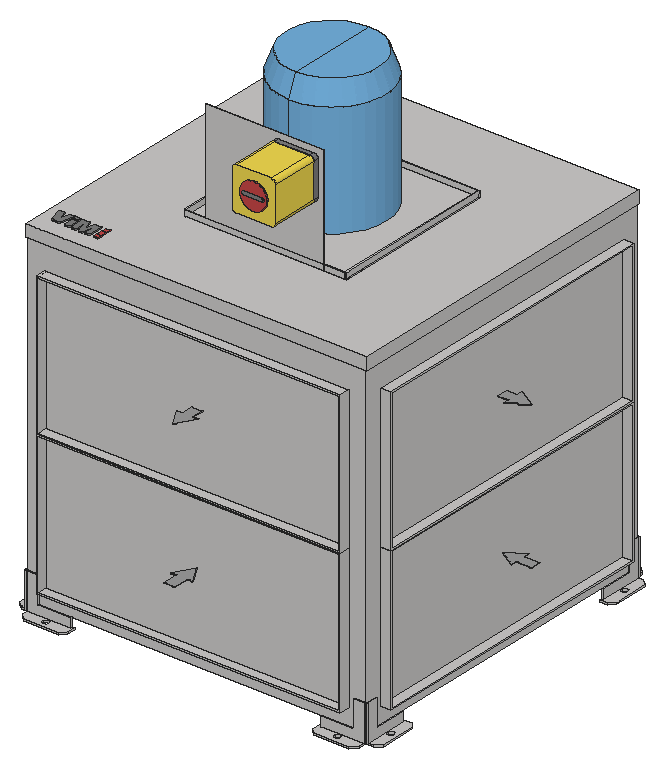
Revit family "BIM_KUBAIR F400 CC INTZ Vertical", category Equipement de génie climatique, Revit 2016
Family settings
  Type d'élément = Normal
  Cote de connecteur circulaire = Utiliser le diamètre
  Numéro OmniClass = 23.75.00.00
  Titre OmniClass = Climate Control (HVAC)
  Basée sur le plan de construction = Non
  Toujours verticalement = Oui
  Couper avec des vides une fois chargée = Non
  Partagée = Non
  Point de calcul de pièce = Oui
Parameters (values of type "KUBAIR F400 CC 355 4/6PT INTZ 0,30/0,10kW")
  Visibilité_marque = yes
  Tension_nominale = 400 V
  Reference = ""
  Puissance_electrique = 300 W
  Protection_IP = "IP 55"
  Prof_INTZ = 100 mm
  Position_A_equerre = 155 mm
  Poids = "61 Kg"
  Nombre_de_phases = "3"
  Modèle = "KUBAIR F400 CC 355 4/6PT INTZ 0,30/0,10kW Caisson"
  Materiau_caisson = Acier, galvanisé
  Lien_page_produit = "http://www.vim.fr/fr/caissons-d-extraction-f400-120/429-kubair-f400-nouvelle-gamme.html"
  Largeur_equerre = 218 mm
  L = 321 mm
  IfcExportType = "IfcFlowMovingDevice"
  IfcExportAs = "IfcFan"
  Hauteur_equerre = 199.5 mm
  H = 315 mm
  GC = 50 mm
  G = 31 mm
  Fabricant = "VIM"
  Debit_mini = "900 m³/h"
  Debit_maxi = "3090 m³/h"
  Debit [instance] = 0.0 L/s
  D = 559 mm
  Courant_nominal = 0.99 A
  Consignes – raccordements aérauliques = "Raccorder 1, 2 ou 3 ouies  au refoulement et 1, 2 ou 3 ouies à l’aspiration"
  Code_article = "644565"
  Classe_de_protection_electrique = "F"
  C = 263 mm
  BVC = 645 mm
  A = 627 mm
Reference planes
  plane 1 "Centre (avant/arrière)": y = 0
  plane 2: z = 0
  plane 3 "Centre (gauche/droite)": x = 0
  plane 4: x = -313.5
  plane 5: x = 313.5
  plane 6: y = 313.5
  plane 7: y = -313.5
  plane 8: z = 2
  plane 9: y = -311.5
  plane 10: x = 31
  plane 11: y = -333.5
  plane 12: x = -311.5
  plane 13: y = 311.5
  plane 14: x = 311.5
  plane 15: y = -311.5
  plane 16: x = 279.5
  plane 17: x = -279.5
  plane 18: x = 281.5
  plane 19: x = -281.5
  plane 20: y = 271.5
  plane 21: y = -271.5
  plane 22: y = 333.5
  plane 23: y = 279.5
  plane 24: y = -279.5
  plane 25: y = -281.5
  plane 26: y = 281.5
  plane 27: x = 333.5
  plane 28: x = -333.5
  plane 29: z = 645
  plane 30: z = 966
  plane 31: z = 446.5
  plane 32: z = 578
  plane 33: z = 576
  plane 34: z = 315
  plane 35: z = 317
  plane 36: z = 623
  plane 37: z = 8
  plane 38: z = 50
  plane 39: z = 313
  plane 40: z = 52
  plane 41: z = 182.5
Forms (mm)
  Extrusion 1, solid, material "Acier, galvanisé" <- "Materiau_caisson"
    sketch origin (0, 0, 272) x (1, 0, 0) y (0, 1, 0)
      loop
        line (-313.5, 313.5) -> (-313.5, -313.5) -> (313.5, -313.5) -> (313.5, 313.5) -> (-313.5, 313.5)
      loop
        line (311.5, 311.5) -> (-311.5, 311.5) -> (-311.5, -311.5) -> (311.5, -311.5) -> (311.5, 311.5)
    from -252 to 351
  Extrusion 2, solid, material "Acier, galvanisé" <- "Materiau_caisson"
    sketch origin (0, 0, 272) x (1, 0, 0) y (0, 1, 0)
      loop
        line (-315.5, 315.5) -> (-315.5, -315.5) -> (315.5, -315.5) -> (315.5, 315.5) -> (-315.5, 315.5)
    from 351 to 373
  Extrusion 3, solid, material "Acier, galvanisé" <- "Materiau_caisson"
    sketch origin (0, 0, 272) x (1, 0, 0) y (0, 0, 1)
      loop
        line (-281.5, 306) -> (-281.5, 43) -> (281.5, 43) -> (281.5, 306) -> (-281.5, 306)
      loop
        line (-279.5, 304) -> (-279.5, 45) -> (279.5, 45) -> (279.5, 304) -> (-279.5, 304)
    from 313.5 to 333.5
  Extrusion 4, solid, material "Acier, galvanisé" <- "Materiau_caisson"
    sketch origin (0, 0, 272) x (1, 0, 0) y (0, 0, -1)
      loop
        line (-281.5, -306) -> (281.5, -306) -> (281.5, -43) -> (-281.5, -43) -> (-281.5, -306)
      loop
        line (-279.5, -304) -> (279.5, -304) -> (279.5, -45) -> (-279.5, -45) -> (-279.5, -304)
    from 313.5 to 333.5
  Extrusion 5, solid, material "Acier, galvanisé" <- "Materiau_caisson"
    sketch origin (0, 0, 272) x (0, 1, 0) y (0, 0, 1)
      loop
        line (-281.5, 306) -> (-281.5, 43) -> (281.5, 43) -> (281.5, 306) -> (-281.5, 306)
      loop
        line (-279.5, 304) -> (-279.5, 45) -> (279.5, 45) -> (279.5, 304) -> (-279.5, 304)
    from 313.5 to 333.5
  Extrusion 6, solid, material "Acier, galvanisé" <- "Materiau_caisson"
    sketch origin (0, 0, 272) x (0, 1, 0) y (0, 0, -1)
      loop
        line (-281.5, -306) -> (281.5, -306) -> (281.5, -43) -> (-281.5, -43) -> (-281.5, -306)
      loop
        line (-279.5, -304) -> (279.5, -304) -> (279.5, -45) -> (-279.5, -45) -> (-279.5, -304)
    from 313.5 to 333.5
  Extrusion 7, solid, material "Acier, galvanisé" <- "Materiau_caisson"
    sketch origin (0, 0, 0) x (1, 0, 0) y (0, 0, 1)
      loop
        line (-281.5, 315) -> (-281.5, 50) -> (281.5, 50) -> (281.5, 315) -> (-281.5, 315)
      loop
        line (-279.5, 313) -> (-279.5, 52) -> (279.5, 52) -> (279.5, 313) -> (-279.5, 313)
    from 313.5 to 333.5
  Extrusion 8, solid, material "Acier, galvanisé" <- "Materiau_caisson"
    sketch origin (0, 0, 0) x (0, 1, 0) y (0, 0, 1)
      loop
        line (-281.5, 315) -> (-281.5, 50) -> (281.5, 50) -> (281.5, 315) -> (-281.5, 315)
      loop
        line (-279.5, 313) -> (-279.5, 52) -> (279.5, 52) -> (279.5, 313) -> (-279.5, 313)
    from -333.5 to -313.5
  Extrusion 9, solid, material "Acier, galvanisé" <- "Materiau_caisson"
    sketch origin (0, 0, 0) x (0, 1, 0) y (0, 0, 1)
      loop
        line (-281.5, 315) -> (-281.5, 50) -> (281.5, 50) -> (281.5, 315) -> (-281.5, 315)
      loop
        line (-279.5, 313) -> (-279.5, 52) -> (279.5, 52) -> (279.5, 313) -> (-279.5, 313)
    from 313.5 to 333.5
  Extrusion 10, solid, material "Acier, galvanisé" <- "Materiau_caisson"
    sketch origin (0, 0, 0) x (1, 0, 0) y (0, 0, 1)
      loop
        line (281.5, 315) -> (-281.5, 315) -> (-281.5, 50) -> (281.5, 50) -> (281.5, 315)
      loop
        line (279.5, 313) -> (-279.5, 313) -> (-279.5, 52) -> (279.5, 52) -> (279.5, 313)
    from -333.5 to -313.5
Dimensions and locks
  locked: plane 8 to plane 2 at 2
  locked: plane 7 to plane 9 at 2
  locked: plane 7 to plane 15 at 2
  locked: plane 13 to plane 6 at 2
  locked: plane 4 to plane 12 at 2
  locked: plane 14 to plane 5 at 2
  equal spacing: plane 17, plane 3 "Centre (gauche/droite)", plane 16
  "D": plane 17 to plane 16
  locked: plane 19 to plane 17 at 2
  locked: plane 18 to plane 16 at 2
  locked: plane 20 to plane 13 at 40
  locked: plane 21 to plane 9 at 40
  equal spacing: plane 24, plane 1 "Centre (avant/arrière)", plane 23
  "D": plane 24 to plane 23
  locked: plane 25 to plane 24 at 2
  locked: plane 23 to plane 26 at 2
  locked: plane 27 to plane 5 at 20
  locked: plane 4 to plane 28 at 20
  locked: plane 6 to plane 22 at 20
  locked: plane 11 to plane 7 at 20
  "BVC": plane 29 to plane 2
  "L": plane 30 to plane 29
  equal spacing: plane 6, plane 1 "Centre (avant/arrière)", plane 7
  "A": plane 6 to plane 7
  equal spacing: plane 4, plane 3 "Centre (gauche/droite)", plane 5
  "A": plane 4 to plane 5
  locked: plane 35 to plane 34 at 2
  locked: plane 32 to plane 33 at 2
  equal spacing: plane 32, plane 31, plane 34
  "C": plane 32 to plane 34
  locked: plane 29 to plane 36 at 22
  locked: plane 37 to plane 2 at 8
  "GC": plane 38 to plane 2
  "C": plane 39 to plane 38
  "H": plane 34 to plane 2
  locked: plane 40 to plane 38 at 2
  locked: plane 4 to nested 6 at 60
  locked: plane 7 to nested 7 at 50
  equal spacing: plane 34, plane 41, plane 38
  aligned and locked: plane 2 to level
  aligned and locked: plane 4 to nested 1
  aligned and locked: nested 1 to plane 6
  aligned and locked: nested 2 to plane 4
  aligned and locked: plane 7 to nested 2
  aligned and locked: plane 6 to nested 3
  aligned and locked: plane 5 to nested 3
  aligned and locked: nested 4 to plane 5
  aligned and locked: nested 4 to plane 7
  aligned and locked: nested 1 to plane 2
  aligned and locked: Extrusion 5 to plane 5
  aligned and locked: plane 27 to Extrusion 5
  aligned and locked: Extrusion 3 to plane 7
  aligned and locked: Extrusion 3 to plane 11
  aligned and locked: Extrusion 4 to plane 6
  aligned and locked: plane 22 to Extrusion 4
  aligned and locked: plane 4 to Extrusion 6
  aligned and locked: plane 28 to Extrusion 6
  aligned and locked: Extrusion 3 sketch curve to plane 32
  aligned and locked: Extrusion 3 sketch curve to plane 33
  aligned and locked: plane 34 to Extrusion 3 sketch curve
  aligned and locked: plane 35 to Extrusion 3 sketch curve
  aligned and locked: Extrusion 4 sketch curve to plane 32
  aligned and locked: Extrusion 4 sketch curve to plane 33
  aligned and locked: plane 35 to Extrusion 4 sketch curve
  aligned and locked: plane 34 to Extrusion 4 sketch curve
  aligned and locked: Extrusion 5 sketch curve to plane 32
  aligned and locked: Extrusion 5 sketch curve to plane 33
  aligned and locked: plane 34 to Extrusion 5 sketch curve
  aligned and locked: plane 35 to Extrusion 5 sketch curve
  aligned and locked: plane 34 to Extrusion 6 sketch curve
  aligned and locked: plane 35 to Extrusion 6 sketch curve
  aligned and locked: Extrusion 6 sketch curve to plane 33
  aligned and locked: Extrusion 6 sketch curve to plane 32
  aligned and locked: plane 29 to Extrusion 2
  aligned and locked: Extrusion 2 to plane 36
  aligned and locked: Extrusion 7 sketch curve to Extrusion 3  (x2)
  aligned and locked: plane 38 to Extrusion 7 sketch curve
  aligned and locked: Extrusion 7 sketch curve to plane 18
  aligned and locked: Extrusion 7 sketch curve to plane 39
  aligned and locked: Extrusion 7 sketch curve to plane 17
  aligned and locked: plane 40 to Extrusion 7 sketch curve
  aligned and locked: Extrusion 7 sketch curve to plane 16
  aligned and locked: Extrusion 7 to plane 7
  aligned and locked: Extrusion 7 to plane 11
  aligned and locked: Extrusion 8 sketch curve to Extrusion 5  (x2)
  aligned and locked: plane 38 to Extrusion 8 sketch curve
  aligned and locked: Extrusion 8 sketch curve to plane 26
  aligned and locked: Extrusion 8 sketch curve to plane 39
  aligned and locked: Extrusion 8 sketch curve to plane 24
  aligned and locked: plane 40 to Extrusion 8 sketch curve
  aligned and locked: Extrusion 8 sketch curve to plane 23
  aligned and locked: plane 4 to Extrusion 8
  aligned and locked: plane 28 to Extrusion 8
  aligned and locked: Extrusion 9 sketch curve to Extrusion 5  (x2)
  aligned and locked: plane 38 to Extrusion 9 sketch curve
  aligned and locked: Extrusion 9 sketch curve to plane 26
  aligned and locked: Extrusion 9 sketch curve to plane 39
  aligned and locked: Extrusion 9 sketch curve to plane 24
  aligned and locked: plane 40 to Extrusion 9 sketch curve
  aligned and locked: Extrusion 9 sketch curve to plane 23
  aligned and locked: Extrusion 9 to plane 5
  aligned and locked: plane 27 to Extrusion 9
  aligned and locked: Extrusion 10 sketch curve to Extrusion 3
  aligned and locked: Extrusion 10 sketch curve to Extrusion 7
  aligned and locked: Extrusion 10 sketch curve to plane 38
  aligned and locked: plane 19 to Extrusion 10 sketch curve
  aligned and locked: plane 39 to Extrusion 10 sketch curve
  aligned and locked: plane 16 to Extrusion 10 sketch curve
  aligned and locked: Extrusion 10 sketch curve to plane 40
  aligned and locked: plane 17 to Extrusion 10 sketch curve
  aligned and locked: Extrusion 10 to plane 6
  aligned and locked: plane 22 to Extrusion 10
  aligned and locked: nested 6 to plane 21
  aligned and locked: plane 3 "Centre (gauche/droite)" to nested 5
  aligned and locked: plane 1 "Centre (avant/arrière)" to nested 5
  aligned and locked: nested 12 to plane 3 "Centre (gauche/droite)"
  aligned and locked: nested 15 to plane 1 "Centre (avant/arrière)"
  aligned and locked: plane 1 "Centre (avant/arrière)" to nested 13
  aligned and locked: plane 3 "Centre (gauche/droite)" to nested 14
  aligned and locked: nested 11 to plane 3 "Centre (gauche/droite)"
  aligned and locked: nested 10 to plane 1 "Centre (avant/arrière)"
  aligned and locked: plane 1 "Centre (avant/arrière)" to nested 8
  aligned and locked: plane 3 "Centre (gauche/droite)" to nested 9
  aligned and locked: plane 36 to Extrusion 1
  aligned and locked: nested 14 to plane 41
  aligned and locked: nested 9 to plane 31
  aligned and locked: plane 41 to nested 12
  aligned and locked: plane 31 to nested 11
  aligned and locked: plane 31 to nested 10
  aligned and locked: plane 31 to nested 8
  aligned and locked: plane 41 to nested 15
  aligned and locked: plane 41 to nested 13
Automatic sketch dimensions
  Extrusion 1 sketch curve to plane 4 = 0 mm
  Extrusion 1 sketch curve to plane 9 = 0 mm
  Extrusion 1 sketch curve to plane 12 = 0 mm
  plane 13 to Extrusion 1 sketch curve = 0 mm
  Extrusion 1 sketch curve to plane 14 = 0 mm
  Extrusion 1 sketch curve to plane 5 = 0 mm
  plane 7 to Extrusion 1 sketch curve = 0 mm
  Extrusion 1 sketch curve to plane 6 = 0 mm
  Extrusion 2 sketch curve to plane 4 = 2 mm
  plane 5 to Extrusion 2 sketch curve = 2 mm
  plane 7 to Extrusion 2 sketch curve = 2 mm
  plane 6 to Extrusion 2 sketch curve = 2 mm
  plane 19 to Extrusion 3 sketch curve = 0 mm
  Extrusion 3 sketch curve to plane 17 = 0 mm
  Extrusion 3 sketch curve to plane 16 = 0 mm
  Extrusion 3 sketch curve to plane 18 = 0 mm
  plane 19 to Extrusion 4 sketch curve = 0 mm
  plane 17 to Extrusion 4 sketch curve = 0 mm
  plane 16 to Extrusion 4 sketch curve = 0 mm
  plane 18 to Extrusion 4 sketch curve = 0 mm
  Extrusion 5 sketch curve to plane 25 = 0 mm
  Extrusion 5 sketch curve to plane 24 = 0 mm
  Extrusion 5 sketch curve to plane 23 = 0 mm
  Extrusion 5 sketch curve to plane 26 = 0 mm
  Extrusion 6 sketch curve to plane 25 = 0 mm
  Extrusion 6 sketch curve to plane 24 = 0 mm
  Extrusion 6 sketch curve to plane 23 = 0 mm
  Extrusion 6 sketch curve to plane 26 = 0 mm
Nested families
  nested 1: "Pieds_pates" at (-313.5, 313.5, 0), type "Pieds"
  nested 2: "Pieds_pates" at (-313.5, -313.5, 0), type "Pieds"
  nested 3: "Pieds_pates" at (313.5, 313.5, 0) x (-1, 0, 0) z (0, 0, 1), type "Pieds"
  nested 4: "Pieds_pates" at (313.5, -313.5, 0) x (-1, 0, 0) z (0, 0, 1), type "Pieds"
  nested 5: "INTZ" at (0, 0, 645), type "INTZ"
  nested 6: "Marque_F" at (-253.5, -271.5, 645), visible <- "Visibilité_marque", type "Marque_F"
  nested 7: "Consignes" at (10, -263.5, 645), type "Consigne"
  nested 8: "Fleches_refoulement_tranche" at (-313.5, 0, 446.142) x (0, 1, 0) z (-1, 0, 0), type "Refoulement"
  nested 9: "Fleches_refoulement_tranche" at (0, -313.5, 446.858) x (1, 0, 0) z (0, -1, 0), type "Refoulement"
  nested 10: "Fleches_refoulement_tranche" at (313.5, 0, 446.142) x (0, -1, 0) z (1, 0, 0), type "Refoulement"
  nested 11: "Fleches_refoulement_tranche" at (0, 313.5, 446.142) x (1, 0, 0) z (0, 1, 0), type "Refoulement"
  nested 12: "Fleches_aspiration_tranche" at (0, 313.5, 182.286) x (1, 0, 0) z (0, 1, 0), type "Aspiration"
  nested 13: "Fleches_aspiration_tranche" at (-313.5, 0, 182.286) x (0, 1, 0) z (-1, 0, 0), type "Aspiration"
  nested 14: "Fleches_aspiration_tranche" at (0, -313.5, 182.714) x (1, 0, 0) z (0, -1, 0), type "Aspiration"
  nested 15: "Fleches_aspiration_tranche" at (313.5, 0, 182.286) x (0, -1, 0) z (1, 0, 0), type "Aspiration"
Connectors
  hvac at (0, -333.5, 446.5), driven by "C", driven by "D", driven by "Debit"
    settings: on Extrusion 3, index 10, duct flow 0.0 L/s, flow factor 0, pres drop 0.0 Pa, loss coef 0, conn angle 0.00°, conn width 559 mm, conn height 263 mm, conn diameter 609.6 mm, duct sys type 1, conn prof type 1, flow config 0, flow direction 2, loss method 0, conn ref index -1, conn util no, is conn primary yes, conn desc ""
  hvac at (333.5, 0, 446.5), driven by "C", driven by "D", driven by "Debit"
    settings: on Extrusion 5, index 11, duct flow 0.0 L/s, flow factor 0, pres drop 0.0 Pa, loss coef 0, conn angle 0.00°, conn width 559 mm, conn height 263 mm, conn diameter 609.6 mm, duct sys type 1, conn prof type 1, flow config 0, flow direction 2, loss method 0, conn ref index -1, conn util no, is conn primary no, conn desc ""
  hvac at (0, 333.5, 446.5), driven by "C", driven by "D", driven by "Debit"
    settings: on Extrusion 4, index 12, duct flow 0.0 L/s, flow factor 0, pres drop 0.0 Pa, loss coef 0, conn angle 0.00°, conn width 559 mm, conn height 263 mm, conn diameter 609.6 mm, duct sys type 1, conn prof type 1, flow config 0, flow direction 2, loss method 0, conn ref index -1, conn util no, is conn primary no, conn desc ""
  hvac at (-333.5, 0, 446.5), driven by "C", driven by "D", driven by "Debit"
    settings: on Extrusion 6, index 13, duct flow 0.0 L/s, flow factor 0, pres drop 0.0 Pa, loss coef 0, conn angle 0.00°, conn width 559 mm, conn height 263 mm, conn diameter 609.6 mm, duct sys type 1, conn prof type 1, flow config 0, flow direction 2, loss method 0, conn ref index -1, conn util no, is conn primary no, conn desc ""
  hvac at (333.5, 0, 182.5), driven by "Debit", driven by "C", driven by "D"
    settings: on Extrusion 9, index 14, duct flow 0.0 L/s, flow factor 0, pres drop 0.0 Pa, loss coef 0, conn angle 0.00°, conn width 559 mm, conn height 263 mm, conn diameter 609.6 mm, duct sys type 2, conn prof type 1, flow config 0, flow direction 1, loss method 0, conn ref index -1, conn util no, is conn primary no, conn desc ""
  hvac at (0, -333.5, 182.5), driven by "Debit", driven by "C", driven by "D"
    settings: on Extrusion 7, index 15, duct flow 0.0 L/s, flow factor 0, pres drop 0.0 Pa, loss coef 0, conn angle 0.00°, conn width 559 mm, conn height 263 mm, conn diameter 609.6 mm, duct sys type 2, conn prof type 1, flow config 0, flow direction 1, loss method 0, conn ref index -1, conn util no, is conn primary no, conn desc ""
  hvac at (-333.5, 0, 182.5), driven by "Debit", driven by "C", driven by "D"
    settings: on Extrusion 8, index 16, duct flow 0.0 L/s, flow factor 0, pres drop 0.0 Pa, loss coef 0, conn angle 0.00°, conn width 559 mm, conn height 263 mm, conn diameter 609.6 mm, duct sys type 2, conn prof type 1, flow config 0, flow direction 1, loss method 0, conn ref index -1, conn util no, is conn primary no, conn desc ""
  hvac at (0, 333.5, 182.5), driven by "Debit", driven by "C", driven by "D"
    settings: on Extrusion 10, index 17, duct flow 0.0 L/s, flow factor 0, pres drop 0.0 Pa, loss coef 0, conn angle 0.00°, conn width 559 mm, conn height 263 mm, conn diameter 609.6 mm, duct sys type 2, conn prof type 1, flow config 0, flow direction 1, loss method 0, conn ref index -1, conn util no, is conn primary no, conn desc ""
  electrical at (59, -255, 796.5), driven by "Tension_nominale", driven by "Puissance_electrique"
    settings: on nested 5, index 18, voltage 400 V, apparent load 300 VA, apparent load phase1 0 VA, apparent load phase2 0 VA, apparent load phase3 0 VA, power factor 1, load classification "Autre", number of poles 1, system type 30, power factor state 1, is connector primary yes, connector utility no, sub classification motor no, connector description ""
Definition of nested family "Pieds_pates"
  Parameters (values of type "Pieds")
    Materiau_caisson = none
  Reference planes
    plane 1 "Centre (avant/arrière)": y = 0
    plane 2: z = 0
    plane 3 "Centre (gauche/droite)": x = 0
    plane 4: y = 24
    plane 5: x = -24
    plane 6: y = 12
    plane 7: x = -12
    plane 8: z = 3
    plane 9: x = 86
    plane 10: y = -86
    plane 11: y = 3
    plane 12: x = -3
    plane 13: z = 20
    plane 14: z = 70
    plane 15: x = 20
    plane 16: y = -20
    plane 17: y = -81
    plane 18: x = 81
  Forms (mm)
    Extrusion 1, solid, material <- "Materiau_caisson"
      sketch origin (452.073, -333.906, 0) x (1, 0, 0) y (0, 1, 0)
        loop
          line (-366.073, 348.906) -> (-375.073, 357.906) -> (-440.073, 357.906) -> (-450.911, 347.068) -> (-450.911, 333.906) -> (-366.073, 333.906) -> (-366.073, 348.906)
        loop
          line (-476.073, 321.906) -> (-476.073, 256.906) -> (-467.073, 247.906) -> (-452.073, 247.906) -> (-452.073, 332.822) -> (-465.157, 332.822) -> (-476.073, 321.906)
        loop
          circle (-409.073, 345.906) r 6
        loop
          circle (-464.073, 290.906) r 6
      from 0 to 3
    Extrusion 2, solid, material <- "Materiau_caisson"
      sketch origin (0, 0, 0) x (1, 0, 0) y (0, 0, 1)
        loop
          line (20, 20) -> (20, 70) -> (0, 70) -> (0, 3) -> (81, 3) -> (81, 20) -> (20, 20)
      from -3 to 0
    Extrusion 3, solid, material <- "Materiau_caisson"
      sketch origin (0, 0, 0) x (0, 1, 0) y (0, 0, 1)
        loop
          line (-20, 20) -> (-81, 20) -> (-81, 3) -> (0, 3) -> (0, 70) -> (-20, 70) -> (-20, 20)
      from -3 to 0
    Extrusion 4, solid, material <- "Materiau_caisson"
      sketch origin (0, 0, 0) x (1, 0, 0) y (0, 1, 0)
        loop
          line (-3, 3) -> (-3, 0) -> (0, 0) -> (0, 3) -> (-3, 3)
      from 3 to 70
  Dimensions and locks
    equal spacing: plane 1 "Centre (avant/arrière)", plane 6, plane 4
    equal spacing: plane 5, plane 7, plane 3 "Centre (gauche/droite)"
    locked: plane 8 to plane 2 at 3
    plane 5 to plane 7 = 12 mm
    plane 6 to plane 4 = 12 mm
    locked: plane 11 to plane 1 "Centre (avant/arrière)" at 3
    locked: plane 12 to plane 3 "Centre (gauche/droite)" at 3
    locked: plane 13 to plane 2 at 20
    plane 14 to plane 2 = 70 mm
    plane 15 to plane 3 "Centre (gauche/droite)" = 20 mm
    plane 16 to plane 1 "Centre (avant/arrière)" = 20 mm
    locked: plane 18 to plane 9 at 5
    locked: plane 17 to plane 10 at 5
    locked: plane 3 "Centre (gauche/droite)" to plane 9 at 86
    locked: plane 1 "Centre (avant/arrière)" to plane 10 at 86
    aligned and locked: level to plane 2
    aligned and locked: Extrusion 1 sketch curve to plane 4
    aligned and locked: plane 1 "Centre (avant/arrière)" to Extrusion 1 sketch curve
    aligned and locked: Extrusion 1 sketch curve to plane 5
    aligned and locked: plane 3 "Centre (gauche/droite)" to Extrusion 1 sketch curve
    aligned and locked: plane 8 to Extrusion 1
    aligned and locked: Extrusion 2 sketch curve to plane 13
    aligned and locked: plane 8 to Extrusion 2 sketch curve
    aligned and locked: Extrusion 3 sketch curve to Extrusion 1
    aligned and locked: plane 3 "Centre (gauche/droite)" to Extrusion 2 sketch curve
    aligned and locked: Extrusion 2 sketch curve to plane 14
    aligned and locked: Extrusion 2 sketch curve to plane 15
    aligned and locked: Extrusion 3 sketch curve to plane 16
    aligned and locked: Extrusion 3 sketch curve to plane 14
    aligned and locked: Extrusion 3 sketch curve to plane 1 "Centre (avant/arrière)"
    aligned and locked: Extrusion 4 sketch curve to plane 11
    aligned and locked: Extrusion 4 sketch curve to plane 12
    aligned and locked: Extrusion 4 to plane 8
    aligned and locked: plane 14 to Extrusion 4
    aligned and locked: Extrusion 4 sketch curve to plane 3 "Centre (gauche/droite)"
    aligned and locked: plane 1 "Centre (avant/arrière)" to Extrusion 4 sketch curve
    aligned and locked: plane 18 to Extrusion 2
    aligned and locked: Extrusion 3 to plane 17
  Automatic sketch dimensions
    Extrusion 1 sketch curve to plane 10 = 0 mm
    plane 1 "Centre (avant/arrière)" to Extrusion 1 sketch curve = 1.084 mm
    Extrusion 1 sketch curve to plane 7 = 0 mm
    Extrusion 1 sketch curve to plane 6 = 0 mm
    Extrusion 1 sketch curve to plane 9 = 0 mm
    plane 6 to Extrusion 1 sketch curve = 1.162 mm
    Extrusion 1 sketch curve to plane 7 = 3 mm
    plane 15 to Extrusion 1 sketch curve = 8 mm
    Extrusion 1 sketch curve to plane 9 = 9 mm
    plane 10 to Extrusion 1 sketch curve = 9 mm
    plane 6 to Extrusion 1 sketch curve = 3 mm
    Extrusion 1 sketch curve to plane 7 = 1.084 mm
    Extrusion 1 sketch curve to Extrusion 1 sketch curve = 1.162 mm
    Extrusion 1 sketch curve to plane 16 = 8 mm
    Extrusion 1 sketch curve to plane 15 = 23 mm
    plane 16 to Extrusion 1 sketch curve = 23 mm
    Extrusion 3 sketch curve to plane 13 = 0 mm
    Extrusion 2 sketch curve to plane 9 = 5 mm
    plane 10 to Extrusion 3 sketch curve = 5 mm
    radius of Extrusion 1 sketch curve = 6 mm  (x2)
Definition of nested family "INTZ"
  Parameters (values of type "INTZ")
    Section_platine = Position_A_equerre * 2  # 310 mm
    Prof_INTZ = 100 mm
    Position_A_equerre = 155 mm
    Materiau_platine = none
    Largeur_equerre = 218 mm
    Hauteur_equerre = 199.5 mm
    Default Elevation = 1219.2 mm
  Reference planes
    plane 1 "Centre (avant/arrière)": y = 0
    plane 2: z = 0
    plane 3 "Centre (gauche/droite)": x = 0
    plane 4: x = 150
    plane 5: x = -150
    plane 6: y = 155
    plane 7: y = 153
    plane 8: x = 148
    plane 9: x = -148
    plane 10: z = 2
    plane 11: z = 12
    plane 12: x = -109
    plane 13: x = 109
    plane 14: z = 201.5
    plane 15: x = -55
    plane 16: y = -155
    plane 17: y = -157
    plane 18: x = -95
  Forms (mm)
    Extrusion 1, solid
      sketch origin (0, 0, 0) x (1, 0, 0) y (0, 1, 0)
        loop
          line (-510, 365) -> (-510, -285.5) -> (293.257, -285.5) -> (293.257, 365) -> (-510, 365)
      from 0 to -30
    Extrusion 2, solid, material <- "Materiau_platine"
      sketch origin (0, 0, 0) x (1, 0, 0) y (0, 1, 0)
        loop
          line (-150, 155) -> (-150, -155) -> (150, -155) -> (150, 155) -> (-150, 155)
      from 0 to 2
    Extrusion 3, solid, material <- "Materiau_platine"
      sketch origin (0, 0, 0) x (1, 0, 0) y (0, 1, 0)
        loop
          line (-150, 155) -> (-150, 153) -> (150, 153) -> (150, 155) -> (-150, 155)
        loop
          line (-148, -157) -> (148, -157) -> (148, -155) -> (-148, -155) -> (-148, -157)
      from 2 to 12
    Extrusion 4, solid, material <- "Materiau_platine"
      sketch origin (0, 0, 0) x (1, 0, 0) y (0, 1, 0)
        loop
          line (-150, 153) -> (-150, -155) -> (-148, -155) -> (-148, 153) -> (-150, 153)
        loop
          line (148, 153) -> (148, -155) -> (150, -155) -> (150, 153) -> (148, 153)
      from 0 to 12
    Extrusion 5, solid, material <- "Materiau_platine"
      sketch origin (0, -13.75, 0) x (1, 0, 0) y (0, 1, 0)
        loop
          line (-109, -141.25) -> (-109, -143.25) -> (109, -143.25) -> (109, -141.25) -> (-109, -141.25)
      from 2 to 201.5
  Dimensions and locks
    equal spacing: plane 5, plane 3 "Centre (gauche/droite)", plane 4
    locked: plane 5 to plane 9 at 2
    locked: plane 8 to plane 4 at 2
    locked: plane 6 to plane 7 at 2
    locked: plane 10 to plane 2 at 2
    locked: plane 11 to plane 10 at 10
    equal spacing: plane 12, plane 3 "Centre (gauche/droite)", plane 13
    "Largeur_equerre": plane 12 to plane 13
    "Hauteur_equerre": plane 14 to plane 10
    locked: plane 17 to plane 16 at 2
    "Position_A_equerre": plane 16 to plane 1 "Centre (avant/arrière)"
    equal spacing: plane 16, plane 1 "Centre (avant/arrière)", plane 6
    locked: plane 14 to nested 1 at 50
    aligned and locked: plane 2 to Extrusion 1
    aligned and locked: level to Extrusion 1
    aligned and locked: Extrusion 2 sketch curve to plane 6
    aligned and locked: Extrusion 2 sketch curve to plane 5
    aligned and locked: Extrusion 2 sketch curve to plane 4
    aligned and locked: plane 10 to Extrusion 2
    aligned and locked: Extrusion 3 sketch curve to plane 6
    aligned and locked: Extrusion 3 sketch curve to plane 7
    aligned and locked: Extrusion 3 sketch curve to plane 9
    aligned and locked: plane 8 to Extrusion 3 sketch curve
    aligned and locked: Extrusion 4 sketch curve to plane 5
    aligned and locked: Extrusion 4 sketch curve to plane 7
    aligned and locked: Extrusion 4 sketch curve to Extrusion 2
    aligned and locked: plane 11 to Extrusion 4
    aligned and locked: Extrusion 5 sketch curve to plane 12
    aligned and locked: plane 13 to Extrusion 5 sketch curve
    aligned and locked: Extrusion 5 to plane 10
    aligned and locked: plane 14 to Extrusion 5
    aligned and locked: Extrusion 5 to plane 16
    aligned and locked: Extrusion 5 to nested 1
    aligned and locked: Extrusion 2 sketch curve to plane 16
    aligned and locked: Extrusion 3 sketch curve to plane 16
    aligned and locked: plane 17 to Extrusion 5
    aligned and locked: plane 5 to Extrusion 3 sketch curve
    aligned and locked: Extrusion 3 sketch curve to plane 4
    aligned and locked: Extrusion 4 sketch curve to plane 16  (x2)
    aligned and locked: plane 17 to Extrusion 3
    aligned and locked: plane 11 to nested 2
    aligned and locked: nested 2 to plane 1 "Centre (avant/arrière)"
    aligned and locked: plane 3 "Centre (gauche/droite)" to nested 2
  Automatic sketch dimensions
    Extrusion 1 sketch curve to Extrusion 1 sketch curve = 803.257 mm
    Extrusion 1 sketch curve to Extrusion 1 sketch curve = 650.5 mm
    Extrusion 4 sketch curve to plane 9 = 0 mm
    plane 7 to Extrusion 4 sketch curve = 0 mm
    Extrusion 4 sketch curve to plane 8 = 0 mm
    plane 17 to Extrusion 3 sketch curve = 0 mm
    plane 17 to Extrusion 5 sketch curve = 0 mm
    plane 16 to Extrusion 5 sketch curve = 0 mm
  Nested families
    nested 1: "Interrupteur" at (59, -157, 151.5) x (-1, 0, 0) z (0, -1, 0), type "Interrupteur"
    nested 2: "Moteur_vertical_simple" at (0, 0, -268) x (0, 1, 0) z (0, 0, 1), type "Moteur_vertical_simple"
  Definition of nested family "Interrupteur"
    Parameters (values of type "Interrupteur")
      Section = 80 mm
      Rouge = none
      Profondeur = 100 mm
      Jaune = none
      Gris = none
      Default Elevation = 1219.2 mm
    Reference planes
      plane 1 "Centre (avant/arrière)": y = 0
      plane 2: z = 0
      plane 3 "Centre (gauche/droite)": x = 0
      plane 4: x = 40
      plane 5: x = -40
      plane 6: y = 40
      plane 7: y = -40
      plane 8: z = 100
      plane 9: z = 98
      plane 10: x = -32
      plane 11: y = -32
      plane 12: x = 32
      plane 13: y = 32
      plane 14: z = 10
      plane 15: y = 3
      plane 16: y = -3
      plane 17: x = 20
      plane 18: x = -20
      plane 19: z = 101
    Forms (mm)
      Extrusion 1, solid
        sketch origin (0, 0, 0) x (1, 0, 0) y (0, 1, 0)
          loop
            line (-154.5, 314.5) -> (-154.5, -85.662) -> (162.19, -85.662) -> (162.19, 314.5) -> (-154.5, 314.5)
        from 0 to -304.8
      Extrusion 2, solid, material <- "Jaune"
        sketch origin (0, 0, 0) x (1, 0, 0) y (0, 1, 0)
          loop
            arc (-32, 40) -> (-37.657, 37.657) -> (-40, 32) r 8
            line (-40, 32) -> (-40, -32)
            arc (-40, -32) -> (-37.657, -37.657) -> (-32, -40) r 8
            line (-32, -40) -> (32, -40)
            arc (32, -40) -> (37.657, -37.657) -> (40, -32) r 8
            line (40, -32) -> (40, 32)
            arc (40, 32) -> (37.657, 37.657) -> (32, 40) r 8
            line (32, 40) -> (-32, 40)
        from 10 to 98
      Extrusion 3, solid, material <- "Rouge"
        sketch origin (0, 0, 0) x (1, 0, 0) y (0, 1, 0)
          loop
            circle (0, 0) r 25
        from 98 to 100
      Extrusion 4, solid, material <- "Gris"
        sketch origin (0, 0, 0) x (1, 0, 0) y (0, 1, 0)
          loop
            arc (-16.846, 3) -> (-19.846, 0) -> (-16.846, -3) r 3
            line (-16.846, -3) -> (16.846, -3)
            arc (16.846, -3) -> (19.846, 0) -> (16.846, 3) r 3
            line (16.846, 3) -> (-16.846, 3)
        from 101 to 95
      Extrusion 5, solid, material <- "Gris"
        sketch origin (0, 0, 0) x (1, 0, 0) y (0, 1, 0)
          loop
            arc (-32, 40) -> (-37.657, 37.657) -> (-40, 32) r 8
            line (-40, 32) -> (-40, -32)
            arc (-40, -32) -> (-37.657, -37.657) -> (-32, -40) r 8
            line (-32, -40) -> (32, -40)
            arc (32, -40) -> (37.657, -37.657) -> (40, -32) r 8
            line (40, -32) -> (40, 32)
            arc (40, 32) -> (37.657, 37.657) -> (32, 40) r 8
            line (32, 40) -> (-32, 40)
        from 0 to 10
    Dimensions and locks
      equal spacing: plane 5, plane 3 "Centre (gauche/droite)", plane 4
      "Section": plane 5 to plane 4
      equal spacing: plane 6, plane 1 "Centre (avant/arrière)", plane 7
      "Section": plane 6 to plane 7
      "Profondeur": plane 8 to plane 2
      locked: plane 5 to Extrusion 2 sketch curve at 8  (x2)
      locked: plane 6 to Extrusion 2 sketch curve at 8  (x2)
      locked: Extrusion 2 sketch curve to plane 4 at 8  (x2)
      locked: plane 7 to Extrusion 2 sketch curve at 8  (x2)
      locked: plane 5 to plane 10 at 8
      locked: plane 12 to plane 4 at 8
      locked: plane 6 to plane 13 at 8
      locked: plane 11 to plane 7 at 8
      locked: plane 14 to plane 2 at 10
      plane 8 to plane 9 = 2 mm
      plane 9 to plane 14 = 88 mm
      equal spacing: plane 18, plane 3 "Centre (gauche/droite)", plane 17
      locked: plane 18 to plane 17 at 40
      equal spacing: plane 15, plane 1 "Centre (avant/arrière)", plane 16
      locked: plane 15 to plane 16 at 6
      locked: plane 19 to plane 8 at 1
      diameter of Extrusion 3 sketch curve = 50 mm
      aligned and locked: plane 2 to Extrusion 1
      aligned and locked: level to Extrusion 1
      aligned and locked: Extrusion 2 sketch curve to plane 6
      aligned and locked: Extrusion 2 sketch curve to plane 5
      aligned and locked: Extrusion 2 sketch curve to plane 7
      aligned and locked: Extrusion 2 sketch curve to plane 4
      aligned and locked: plane 9 to Extrusion 2
      aligned and locked: plane 3 "Centre (gauche/droite)" to Extrusion 3 sketch curve
      aligned and locked: plane 1 "Centre (avant/arrière)" to Extrusion 3 sketch curve
      aligned and locked: Extrusion 3 to plane 9
      aligned and locked: plane 8 to Extrusion 3
      aligned and locked: Extrusion 4 sketch curve to plane 15
      aligned and locked: Extrusion 4 sketch curve to plane 16
      aligned and locked: Extrusion 5 sketch curve to plane 6
      aligned and locked: Extrusion 5 sketch curve to plane 5
      aligned and locked: Extrusion 5 sketch curve to plane 7
      aligned and locked: Extrusion 5 sketch curve to plane 4
      aligned and locked: plane 14 to Extrusion 5
      aligned and locked: Extrusion 2 to plane 14
      aligned and locked: plane 19 to Extrusion 4
    Automatic sketch dimensions
      Extrusion 1 sketch curve to Extrusion 1 sketch curve = 316.69 mm
      Extrusion 1 sketch curve to Extrusion 1 sketch curve = 400.162 mm
      Extrusion 4 sketch curve to plane 17 = 3.154 mm
      Extrusion 4 sketch curve to plane 18 = 3.154 mm
      Extrusion 5 sketch curve to plane 11 = 0 mm  (x2)
      Extrusion 5 sketch curve to plane 10 = 0 mm
      plane 13 to Extrusion 5 sketch curve = 0 mm
  Definition of nested family "Moteur_vertical_simple"
    Parameters (values of type "Moteur_vertical_simple")
      Ø_moteur = 200 mm
      Materiau_cercle = none
      Mat_fond_moteur = none
      Mat_corps_moteur = none
      Marque = yes
      Hauteur_fond_moteur = 40 mm
      Hauteur_corps_moteur = 250 mm
      Angle_fond_moteur = 70.00°
    Reference planes
      plane 1 "Centre (avant/arrière)": y = 0
      plane 2: z = 0
      plane 3 "Centre (gauche/droite)": x = 0
      plane 4: z = 280
      plane 5: z = 530
      plane 6: z = 490
      plane 7: x = -100
      plane 8: x = 100
      plane 9: y = 100
      plane 10: y = -100
      plane 11: x = 200
      plane 12: x = -200
      plane 13: y = 200
      plane 14: y = -200
      plane 15: z = 285
      plane 16: through (0, 0, 1200) normal (-0.7071, 0.7071, 0)
      plane 17: through (0, 0, 1200) normal (-0.7071, -0.7071, 0)
      plane 18: through (-464.133, -181.29, 1200) normal (-0.7071, 0.7071, 0)
      plane 19: through (-181.29, -464.133, 1200) normal (-0.7071, 0.7071, 0)
      plane 20: through (428.84, -145.997, 1200) normal (-0.7071, -0.7071, 0)
      plane 21: through (145.997, -428.84, 1200) normal (-0.7071, -0.7071, 0)
      plane 22: z = 80
    Forms (mm)
      Extrusion 1, solid, material <- "Mat_corps_moteur"
        sketch origin (0, 0, 0) x (1, 0, 0) y (0, 1, 0)
          loop
            circle (0, 0) r 100
        from 280 to 490
      Revolve 2, solid, material <- "Mat_fond_moteur"
        sketch origin (0, 0, 0) x (1, 0, 0) y (0, 0, 1)
          loop
            line (-100, 490) -> (0, 490) -> (0, 530) -> (-85.441, 530) -> (-100, 490)
          axis (0, 530) -> (0, 490)
        angle from 0 to 360
    Dimensions and locks
      plane 4 to plane 22 = 200 mm
      "Hauteur_corps_moteur": plane 5 to plane 4
      "Hauteur_fond_moteur": plane 5 to plane 6
      equal spacing: plane 7, plane 3 "Centre (gauche/droite)", plane 8
      "Ø_moteur": plane 7 to plane 8
      equal spacing: plane 9, plane 1 "Centre (avant/arrière)", plane 10
      "Ø_moteur": plane 9 to plane 10
      equal spacing: plane 12, plane 3 "Centre (gauche/droite)", plane 11
      plane 12 to plane 11 = 400 mm
      equal spacing: plane 13, plane 1 "Centre (avant/arrière)", plane 14
      plane 14 to plane 13 = 400 mm
      locked: plane 15 to plane 4 at 5
      equal spacing: plane 21, plane 17, plane 20
      plane 21 to plane 20 = 400 mm
      equal spacing: plane 18, plane 16, plane 19
      plane 18 to plane 19 = 400 mm
      plane 22 to plane 2 = 80 mm
      "Ø_moteur": diameter of Extrusion 1 sketch curve
      "Angle_fond_moteur": angle Extrusion 1 to Revolve 2 sketch curve
      locked: plane 16 to plane 3 "Centre (gauche/droite)" (angle 45.00°)  (x2)
      locked: plane 17 to plane 1 "Centre (avant/arrière)" (angle 45.00°)  (x2)
      aligned and locked: level to plane 2
      aligned and locked: Extrusion 1 to plane 4
      aligned and locked: plane 6 to Extrusion 1
      aligned and locked: Revolve 2 sketch curve to plane 5
      aligned and locked: Revolve 2 sketch curve to plane 3 "Centre (gauche/droite)"  (x2)
      aligned and locked: plane 6 to Revolve 2 sketch curve
      aligned and locked: plane 7 to Revolve 2 sketch curve
      aligned and locked: plane 1 "Centre (avant/arrière)" to Extrusion 1 sketch curve
      aligned and locked: plane 3 "Centre (gauche/droite)" to Extrusion 1 sketch curve
    Automatic sketch dimensions
      plane 15 to Revolve 2 sketch curve = 50.761 mm
      Revolve 2 sketch curve to Revolve 2 sketch curve = 160 mm
Definition of nested family "Marque_F"
  Parameters (values of type "Marque_F")
    Mat marque = none
    Default Elevation = 1219.2 mm
  Reference planes
    plane 1 "Centre (avant/arrière)": y = 0
    plane 2: z = 0
    plane 3 "Centre (gauche/droite)": x = 0
    plane 4: x = -46.406
    plane 5: x = 47.285
  Forms (mm)
    Extrusion 1, solid
      sketch origin (0, 0, 0) x (1, 0, 0) y (0, 1, 0)
        loop
          line (-1219.2, 1219.2) -> (-1219.2, -1219.2) -> (1219.2, -1219.2) -> (1219.2, 1219.2) -> (-1219.2, 1219.2)
      from 0 to -304.8
    Extrusion 2, solid, material <- "Mat marque"
      sketch origin (-10.749, -2.822, -18.328) x (1, 0, 0) y (0, 1, 0)
        loop
          arc (-29.131, -8.082) -> (-27.403, -9.625) -> (-25.154, -10.182) r 4.817
          line (-25.154, -10.182) -> (-17.577, -10.182)
          arc (-17.577, -10.182) -> (-15.328, -9.625) -> (-13.599, -8.082) r 4.817
          line (-13.599, -8.082) -> (-7.092, 14.702)
          arc (-7.092, 14.702) -> (-7.44, 16.728) -> (-9.276, 17.653) r 2.283
          line (-9.276, 17.653) -> (-15.161, 17.653)
          arc (-15.161, 17.653) -> (-16.823, 17.105) -> (-17.833, 15.676) r 2.794
          line (-17.833, 15.676) -> (-21.365, 4.124) -> (-24.897, 15.676)
          arc (-24.897, 15.676) -> (-25.907, 17.105) -> (-27.569, 17.653) r 2.794
          line (-27.569, 17.653) -> (-33.455, 17.653)
          arc (-33.455, 17.653) -> (-35.29, 16.728) -> (-35.638, 14.702) r 2.283
          line (-35.638, 14.702) -> (-29.131, -8.082)
        loop
          arc (-3.739, 17.653) -> (-5.883, 14.581) -> (-3.739, 11.509) r 3.273
          line (-3.739, 11.509) -> (3.056, 11.509)
          arc (3.056, 11.509) -> (5.2, 14.581) -> (3.056, 17.653) r 3.273
          line (3.056, 17.653) -> (-3.739, 17.653)
        loop
          arc (-2.818, 9.758) -> (-4.715, 8.973) -> (-5.501, 7.076) r 2.682
          line (-5.501, 7.076) -> (-5.501, -8.338)
          arc (-5.501, -8.338) -> (-4.715, -10.234) -> (-2.818, -11.02) r 2.682
          line (-2.818, -11.02) -> (2.421, -11.02)
          arc (2.421, -11.02) -> (4.431, -10.188) -> (5.264, -8.178) r 2.842
          line (5.264, -8.178) -> (5.264, 6.916)
          arc (5.264, 6.916) -> (4.431, 8.926) -> (2.421, 9.758) r 2.842
          line (2.421, 9.758) -> (-2.818, 9.758)
        loop
          arc (7.188, -7.628) -> (8.183, -10.03) -> (10.585, -11.025) r 3.397
          line (10.585, -11.025) -> (14.628, -11.025)
          arc (14.628, -11.025) -> (16.391, -10.295) -> (17.122, -8.532) r 2.493
          line (17.122, -8.532) -> (17.122, 4.567) -> (20.707, -9.435)
          arc (20.707, -9.435) -> (21.495, -10.583) -> (22.816, -11.025) r 2.195
          line (22.816, -11.025) -> (27.116, -11.025)
          arc (27.116, -11.025) -> (28.419, -10.589) -> (29.197, -9.456) r 2.166
          line (29.197, -9.456) -> (32.788, 4.567) -> (32.788, -8.532)
          arc (32.788, -8.532) -> (33.519, -10.295) -> (35.282, -11.025) r 2.493
          line (35.282, -11.025) -> (39.325, -11.025)
          arc (39.325, -11.025) -> (41.727, -10.03) -> (42.722, -7.628) r 3.397
          line (42.722, -7.628) -> (42.722, 15.171)
          arc (42.722, 15.171) -> (41.995, 16.926) -> (40.24, 17.653) r 2.482
          line (40.24, 17.653) -> (31.591, 17.653)
          arc (31.591, 17.653) -> (29.618, 17.022) -> (28.379, 15.362) r 3.397
          line (28.379, 15.362) -> (24.955, 5.42) -> (21.532, 15.362)
          arc (21.532, 15.362) -> (20.292, 17.022) -> (18.319, 17.653) r 3.397
          line (18.319, 17.653) -> (9.67, 17.653)
          arc (9.67, 17.653) -> (7.915, 16.926) -> (7.188, 15.171) r 2.482
          line (7.188, 15.171) -> (7.188, -7.628)
      from 18.328 to 19.828
    Extrusion 3, solid
      sketch origin (26.206, -0.091, 0) x (1, 0, 0) y (0, 1, 0)
        loop
          line (12.746, 15.217) -> (12.746, 7.003) -> (21.105, 7.003) -> (21.105, 15.217) -> (12.746, 15.217)
        loop
          line (12.746, -5.64) -> (12.746, -13.854) -> (21.105, -13.854) -> (21.105, -5.64) -> (12.746, -5.64)
        loop
          line (12.746, 5.561) -> (12.746, -4.153) -> (21.105, -4.153) -> (21.105, 5.561) -> (12.746, 5.561)
      from 0 to 1.5
  Dimensions and locks
    aligned and locked: plane 2 to Extrusion 1
    aligned and locked: level to Extrusion 1
Definition of nested family "Fleches_refoulement_tranche"
  Parameters (values of type "Refoulement")
    Longueur_tete = 35 mm
    Longueur_corps = 70 mm
    Largeur_tete = 40 mm
    Largeur_corps = 20 mm
    Default Elevation = 1219.2 mm
    Couleur = none
  Reference planes
    plane 1 "Centre (avant/arrière)": y = 0
    plane 2: z = 0
    plane 3 "Centre (gauche/droite)": x = 0
    plane 4: x = 10
    plane 5: x = -10
    plane 6: y = -35
    plane 7: y = 70
    plane 8: x = -20
    plane 9: x = 20
    plane 10: y = 35
  Forms (mm)
    Extrusion 1, solid
      sketch origin (0, 0, 0) x (1, 0, 0) y (0, 1, 0)
        loop
          line (-1219.2, 1219.2) -> (-1219.2, -1219.2) -> (1219.2, -1219.2) -> (1219.2, 1219.2) -> (-1219.2, 1219.2)
      from 0 to -304.8
    Extrusion 2, solid
      sketch origin (0, 0, 0) x (1, 0, 0) y (0, 0, 1)
        loop
          line (0, 56.262) -> (-20, 21.262) -> (-10, 21.262) -> (-10, 0) -> (10, 0) -> (10, 21.262) -> (20, 21.262) -> (0, 56.262)
      from -0.329 to 0.358
  Lines and regions (mm)
    reference lines
      curve 1: line (0, 85, 0) -> (0, -70, 0)
      curve 2: line (0, 0, 75) -> (0, 0, -25)
  Dimensions and locks
    "Longueur_corps": plane 7 to plane 1 "Centre (avant/arrière)"
    "Longueur_tete": plane 6 to plane 1 "Centre (avant/arrière)"
    equal spacing: plane 5, plane 3 "Centre (gauche/droite)", plane 4
    "Largeur_corps": plane 5 to plane 4
    equal spacing: plane 8, plane 3 "Centre (gauche/droite)", plane 9  (x2)
    "Largeur_tete": plane 8 to plane 9
    equal spacing: plane 7, plane 10, plane 1 "Centre (avant/arrière)"
    plane 8 to plane 9 = 40 mm
    aligned and locked: plane 2 to Extrusion 1
    aligned and locked: level to Extrusion 1
    aligned and locked: curve 1 to plane 3 "Centre (gauche/droite)"
    aligned and locked: curve 2 to plane 3 "Centre (gauche/droite)"
    aligned and locked: Extrusion 2 sketch curve to plane 2
  Automatic sketch dimensions
    Extrusion 1 sketch curve to Extrusion 1 sketch curve = 2438.4 mm  (x2)
    curve 1 to plane 6 = 35 mm
    plane 7 to curve 1 = 15 mm
    curve 2 to level = 25 mm
    level to curve 2 = 75 mm
    plane 8 to Extrusion 2 sketch curve = 0 mm
    Extrusion 2 sketch curve to plane 3 "Centre (gauche/droite)" = 0 mm
    Extrusion 2 sketch curve to plane 9 = 0 mm
    level to Extrusion 2 sketch curve = 56.262 mm
    level to Extrusion 2 sketch curve = 21.262 mm  (x2)
    Extrusion 2 sketch curve to plane 4 = 0 mm
    plane 5 to Extrusion 2 sketch curve = 0 mm
Definition of nested family "Fleches_aspiration_tranche"
  Parameters (values of type "Aspiration")
    Longueur_tete = 35 mm
    Longueur_corps = 70 mm
    Largeur_tete = 40 mm
    Largeur_corps = 20 mm
    Default Elevation = 1219.2 mm
    Couleur = none
  Reference planes
    plane 1 "Centre (avant/arrière)": y = 0
    plane 2: z = 0
    plane 3 "Centre (gauche/droite)": x = 0
    plane 4: x = 10
    plane 5: x = -10
    plane 6: y = -35
    plane 7: y = 70
    plane 8: x = -20
    plane 9: x = 20
    plane 10: y = 35
  Forms (mm)
    Extrusion 1, solid
      sketch origin (0, 0, 0) x (1, 0, 0) y (0, 1, 0)
        loop
          line (-1219.2, 1219.2) -> (-1219.2, -1219.2) -> (1219.2, -1219.2) -> (1219.2, 1219.2) -> (-1219.2, 1219.2)
      from 0 to -304.8
    Extrusion 2, solid
      sketch origin (0, 0, 0) x (1, 0, 0) y (0, 0, 1)
        loop
          line (-20, 35.012) -> (0, 0.012) -> (20, 35.012) -> (10, 35.012) -> (10, 63.734) -> (-10, 63.734) -> (-10, 35.012) -> (-20, 35.012)
      from -0.163 to 0.214
  Lines and regions (mm)
    reference lines
      curve 1: line (0, 85, 0) -> (0, -70, 0)
      curve 2: line (0, 0, 160) -> (0, 0, -25)
  Dimensions and locks
    "Longueur_corps": plane 7 to plane 1 "Centre (avant/arrière)"
    "Longueur_tete": plane 6 to plane 1 "Centre (avant/arrière)"
    equal spacing: plane 5, plane 3 "Centre (gauche/droite)", plane 4
    "Largeur_corps": plane 5 to plane 4
    equal spacing: plane 8, plane 3 "Centre (gauche/droite)", plane 9  (x2)
    "Largeur_tete": plane 8 to plane 9
    equal spacing: plane 7, plane 10, plane 1 "Centre (avant/arrière)"
    plane 8 to plane 9 = 40 mm
    aligned and locked: plane 2 to Extrusion 1
    aligned and locked: level to Extrusion 1
    aligned and locked: curve 1 to plane 3 "Centre (gauche/droite)"
    aligned and locked: curve 2 to plane 3 "Centre (gauche/droite)"
  Automatic sketch dimensions
    Extrusion 1 sketch curve to Extrusion 1 sketch curve = 2438.4 mm  (x2)
    curve 1 to plane 6 = 35 mm
    plane 7 to curve 1 = 15 mm
    curve 2 to level = 25 mm
    level to curve 2 = 160 mm
    plane 8 to Extrusion 2 sketch curve = 0 mm
    Extrusion 2 sketch curve to plane 3 "Centre (gauche/droite)" = 0 mm
    Extrusion 2 sketch curve to plane 9 = 0 mm
    level to Extrusion 2 sketch curve = 0.012 mm
    level to Extrusion 2 sketch curve = 35.012 mm  (x2)
    Extrusion 2 sketch curve to plane 4 = 0 mm
    Extrusion 2 sketch curve to Extrusion 2 sketch curve = 28.723 mm
    plane 5 to Extrusion 2 sketch curve = 0 mm
Definition of nested family "Consignes"
  Parameters (values of type "Consigne")
    Default Elevation = 1219.2 mm
  Reference planes
    plane 1 "Centre (avant/arrière)": y = 0
    plane 2: z = 0
    plane 3 "Centre (gauche/droite)": x = 0
    plane 4: y = 17.757
    plane 5: y = -17.757
  Forms (mm)
    Extrusion 1, solid
      sketch origin (0, 0, 0) x (1, 0, 0) y (0, 1, 0)
        loop
          line (-1219.2, 1219.2) -> (-1219.2, -1219.2) -> (1219.2, -1219.2) -> (1219.2, 1219.2) -> (-1219.2, 1219.2)
      from 0 to -304.8
  Dimensions and locks
    equal spacing: plane 4, plane 1 "Centre (avant/arrière)", plane 5
    plane 4 to plane 5 = 35.514 mm
    aligned and locked: plane 2 to Extrusion 1
    aligned and locked: level to Extrusion 1
  Automatic sketch dimensions
    Extrusion 1 sketch curve to Extrusion 1 sketch curve = 2438.4 mm  (x2)
Types (75, lengths in mm): name | Tension_nominale | Puissance_electrique | Prof_INTZ | Position_A_equerre | Poids | Nombre_de_phases | Modèle | L | H | GC | Debit_mini | Debit_maxi | D | Courant_nominal | Code_article | C | BVC | A
  KUBAIR F400 CC 355 6PM INTZ 0,18kW | 230 V | 180 W | 100 | 155 | "59 Kg" | "1" | "KUBAIR F400 CC 355 6PM INTZ 0,18kW Caisson" | 321 | 315 | 50 | "620 m³/h" | "2140 m³/h" | 559 | 1.6 A | "644537" | 263 | 645 | 627
  KUBAIR F400 CC 355 4PM INTZ 0,25kW | 230 V | 250 W | 100 | 155 | "59 Kg" | "1" | "KUBAIR F400 CC 355 4PM INTZ 0,25kW Caisson" | 321 | 315 | 50 | "900 m³/h" | "3090 m³/h" | 559 | 2.5 A | "644533" | 263 | 645 | 627
  KUBAIR F400 CC 355 4PT IE1 INTZ 0,25kW | 400 V | 250 W | 100 | 155 | "59 Kg" | "3" | "KUBAIR F400 CC 355 4PT IE1 INTZ 0,25kW Caisson" | 321 | 315 | 50 | "900 m³/h" | "3090 m³/h" | 559 | 0.81 A | "644541" | 263 | 645 | 627
  KUBAIR F400 CC 355 4PT IE2 INTZ 0,25kW | 400 V | 250 W | 100 | 155 | "59 Kg" | "3" | "KUBAIR F400 CC 355 4PT IE2 INTZ 0,25kW Caisson" | 321 | 315 | 50 | "900 m³/h" | "3090 m³/h" | 559 | 0.78 A | "644545" | 263 | 645 | 627
  KUBAIR F400 CC 355 4PT IE3 INTZ 0,25kW | 400 V | 250 W | 100 | 155 | "59 Kg" | "3" | "KUBAIR F400 CC 355 4PT IE3 INTZ 0,25kW Caisson" | 321 | 315 | 50 | "900 m³/h" | "3090 m³/h" | 559 | 0.7 A | "644549" | 263 | 645 | 627
  KUBAIR F400 CC 355 6PT IE1 INTZ 0,18kW | 400 V | 180 W | 100 | 155 | "59 Kg" | "3" | "KUBAIR F400 CC 355 6PT IE1 INTZ 0,18kW Caisson" | 321 | 315 | 50 | "620 m³/h" | "2140 m³/h" | 559 | 0.74 A | "644553" | 263 | 645 | 627
  KUBAIR F400 CC 355 6PT IE2 INTZ 0,18kW | 400 V | 180 W | 100 | 155 | "59 Kg" | "3" | "KUBAIR F400 CC 355 6PT IE2 INTZ 0,18kW Caisson" | 321 | 315 | 50 | "620 m³/h" | "2140 m³/h" | 559 | 0.72 A | "644557" | 263 | 645 | 627
  KUBAIR F400 CC 355 6PT IE3 INTZ 0,18kW | 400 V | 180 W | 100 | 155 | "59 Kg" | "3" | "KUBAIR F400 CC 355 6PT IE3 INTZ 0,18kW Caisson" | 321 | 315 | 50 | "620 m³/h" | "2140 m³/h" | 559 | 0.7 A | "644561" | 263 | 645 | 627
  KUBAIR F400 CC 355 4/6PT INTZ 0,30/0,10kW | 400 V | 300 W | 100 | 155 | "61 Kg" | "3" | "KUBAIR F400 CC 355 4/6PT INTZ 0,30/0,10kW Caisson" | 321 | 315 | 50 | "900 m³/h" | "3090 m³/h" | 559 | 0.99 A | "644565" | 263 | 645 | 627
  KUBAIR F400 CC 355 4/8PT INTZ 0,60/0,15kW | 400 V | 600 W | 100 | 155 | "61 Kg" | "3" | "KUBAIR F400 CC 355 4/8PT INTZ 0,60/0,15kW Caisson" | 321 | 315 | 50 | "900 m³/h" | "3090 m³/h" | 559 | 1.82 A | "644569" | 263 | 645 | 627
  KUBAIR F400 CC 400 4PM INTZ 0,55kW | 230 V | 550 W | 120 | 155 | "72 Kg" | "1" | "KUBAIR F400 CC 400 4PM INTZ 0,55kW Caisson" | 321 | 349 | 50 | "1060 m³/h" | "5000 m³/h" | 631 | 3.9 A | "644573" | 297 | 678 | 699
  KUBAIR F400 CC 400 6PM INTZ 0,25kW | 230 V | 250 W | 120 | 155 | "72 Kg" | "1" | "KUBAIR F400 CC 400 6PM INTZ 0,25kW Caisson" | 321 | 349 | 50 | "520 m³/h" | "3310 m³/h" | 631 | 2.3 A | "644577" | 297 | 678 | 699
  KUBAIR F400 CC 400 4PT IE1 INTZ 0,55kW | 400 V | 550 W | 120 | 155 | "72 Kg" | "3" | "KUBAIR F400 CC 400 4PT IE1 INTZ 0,55kW Caisson" | 321 | 349 | 50 | "1060 m³/h" | "5000 m³/h" | 631 | 1.42 A | "644581" | 297 | 678 | 699
  KUBAIR F400 CC 400 4PT IE2 INTZ 0,55kW | 400 V | 550 W | 120 | 155 | "72 Kg" | "3" | "KUBAIR F400 CC 400 4PT IE2 INTZ 0,55kW Caisson" | 321 | 349 | 50 | "1060 m³/h" | "5000 m³/h" | 631 | 1.31 A | "644585" | 297 | 678 | 699
  KUBAIR F400 CC 400 4PT IE3 INTZ 0,55kW | 400 V | 550 W | 120 | 155 | "72 Kg" | "3" | "KUBAIR F400 CC 400 4PT IE3 INTZ 0,55kW Caisson" | 321 | 349 | 50 | "1060 m³/h" | "5000 m³/h" | 631 | 1.25 A | "644589" | 297 | 678 | 699
  KUBAIR F400 CC 400 6PT IE1 INTZ 0,37kW | 400 V | 370 W | 120 | 155 | "72 Kg" | "3" | "KUBAIR F400 CC 400 6PT IE1 INTZ 0,37kW Caisson" | 321 | 349 | 50 | "520 m³/h" | "3310 m³/h" | 631 | 1.13 A | "644593" | 297 | 678 | 699
  KUBAIR F400 CC 400 6PT IE2 INTZ 0,37kW | 400 V | 370 W | 120 | 155 | "72 Kg" | "3" | "KUBAIR F400 CC 400 6PT IE2 INTZ 0,37kW Caisson" | 321 | 349 | 50 | "520 m³/h" | "3310 m³/h" | 631 | 1.05 A | "644597" | 297 | 678 | 699
  KUBAIR F400 CC 400 6PT IE3 INTZ 0,37kW | 400 V | 370 W | 120 | 155 | "72 Kg" | "3" | "KUBAIR F400 CC 400 6PT IE3 INTZ 0,37kW Caisson" | 321 | 349 | 50 | "520 m³/h" | "3310 m³/h" | 631 | 1.02 A | "644601" | 297 | 678 | 699
  KUBAIR F400 CC 400 4/6PT INTZ 0,55/0,20kW | 400 V | 550 W | 120 | 155 | "74 Kg" | "3" | "KUBAIR F400 CC 400 4/6PT INTZ 0,55/0,20kW Caisson" | 321 | 349 | 50 | "1060 m³/h" | "5000 m³/h" | 631 | 1.75 A | "644605" | 297 | 678 | 699
  KUBAIR F400 CC 400 4/8PT INTZ 0,60/0,15kW | 400 V | 600 W | 120 | 155 | "74 Kg" | "3" | "KUBAIR F400 CC 400 4/8PT INTZ 0,60/0,15kW Caisson" | 321 | 349 | 50 | "1060 m³/h" | "5000 m³/h" | 631 | 1.82 A | "644609" | 297 | 678 | 699
  KUBAIR F400 CC 450 6PM INTZ 0,25kW | 230 V | 250 W | 120 | 175 | "92 Kg" | "1" | "KUBAIR F400 CC 450 6PM INTZ 0,25kW Caisson" | 321 | 378 | 50 | "820 m³/h" | "4750 m³/h" | 711 | 2.3 A | "644613" | 326 | 738 | 779
  KUBAIR F400 CC 450 4PT IE2 INTZ 1,1kW | 400 V | 1100 W | 120 | 175 | "92 Kg" | "3" | "KUBAIR F400 CC 450 4PT IE2 INTZ 1,1kW Caisson" | 321 | 378 | 50 | "1230 m³/h" | "7080 m³/h" | 711 | 2.49 A | "644617" | 326 | 738 | 779
  KUBAIR F400 CC 450 4PT IE3 INTZ 1,1kW | 400 V | 1100 W | 120 | 175 | "92 Kg" | "3" | "KUBAIR F400 CC 450 4PT IE3 INTZ 1,1kW Caisson" | 321 | 378 | 50 | "1230 m³/h" | "7080 m³/h" | 711 | 2.34 A | "644621" | 326 | 738 | 779
  KUBAIR F400 CC 450 6PT IE1 INTZ 0,37kW | 400 V | 370 W | 120 | 175 | "92 Kg" | "3" | "KUBAIR F400 CC 450 6PT IE1 INTZ 0,37kW Caisson" | 321 | 378 | 50 | "820 m³/h" | "4750 m³/h" | 711 | 1.13 A | "644625" | 326 | 738 | 779
  KUBAIR F400 CC 450 6PT IE2 INTZ 0,37kW | 400 V | 370 W | 120 | 175 | "92 Kg" | "3" | "KUBAIR F400 CC 450 6PT IE2 INTZ 0,37kW Caisson" | 321 | 378 | 50 | "820 m³/h" | "4750 m³/h" | 711 | 1.05 A | "644629" | 326 | 738 | 779
  KUBAIR F400 CC 450 6PT IE3 INTZ 0,37kW | 400 V | 370 W | 120 | 175 | "92 Kg" | "3" | "KUBAIR F400 CC 450 6PT IE3 INTZ 0,37kW Caisson" | 321 | 378 | 50 | "820 m³/h" | "4750 m³/h" | 711 | 1.02 A | "644633" | 326 | 738 | 779
  KUBAIR F400 CC 450 8PT IE1 INTZ 0,18kW | 400 V | 180 W | 120 | 175 | "92 Kg" | "3" | "KUBAIR F400 CC 450 8PT IE1 INTZ 0,18kW Caisson" | 321 | 378 | 50 | "590 m³/h" | "3420 m³/h" | 711 | 0.86 A | "644637" | 326 | 738 | 779
  KUBAIR F400 CC 450 8PT IE2 INTZ 0,18kW | 400 V | 180 W | 120 | 175 | "92 Kg" | "3" | "KUBAIR F400 CC 450 8PT IE2 INTZ 0,18kW Caisson" | 321 | 378 | 50 | "590 m³/h" | "3420 m³/h" | 711 | 0.73 A | "644641" | 326 | 738 | 779
  KUBAIR F400 CC 450 8PT IE3 INTZ 0,18kW | 400 V | 180 W | 120 | 175 | "92 Kg" | "3" | "KUBAIR F400 CC 450 8PT IE3 INTZ 0,18kW Caisson" | 321 | 378 | 50 | "590 m³/h" | "3420 m³/h" | 711 | 0.68 A | "644645" | 326 | 738 | 779
  KUBAIR F400 CC 450 4/6PT INTZ 1,10/0,30kW | 400 V | 1100 W | 120 | 175 | "94 Kg" | "3" | "KUBAIR F400 CC 450 4/6PT INTZ 1,10/0,30kW Caisson" | 321 | 378 | 50 | "1230 m³/h" | "7080 m³/h" | 711 | 2.84 A | "644649" | 326 | 738 | 779
  KUBAIR F400 CC 450 4/8PT INTZ 1,20/0,30kW | 400 V | 1200 W | 120 | 175 | "94 Kg" | "3" | "KUBAIR F400 CC 450 4/8PT INTZ 1,20/0,30kW Caisson" | 321 | 378 | 50 | "1230 m³/h" | "7080 m³/h" | 711 | 2.92 A | "644653" | 326 | 738 | 779
  KUBAIR F400 CC 450 6/8PT INTZ 0,37/0,20kW | 400 V | 370 W | 120 | 175 | "94 Kg" | "3" | "KUBAIR F400 CC 450 6/8PT INTZ 0,37/0,20kW Caisson" | 321 | 378 | 50 | "820 m³/h" | "4750 m³/h" | 711 | 1.4 A | "644657" | 326 | 738 | 779
  KUBAIR F400 CC 500 6PM INTZ 0,37kW | 230 V | 370 W | 120 | 175 | "114 Kg" | "1" | "KUBAIR F400 CC 500 6PM INTZ 0,37kW Caisson" | 351 | 402 | 62 | "920 m³/h" | "5960 m³/h" | 768 | 3 A | "644661" | 338 | 784 | 858
